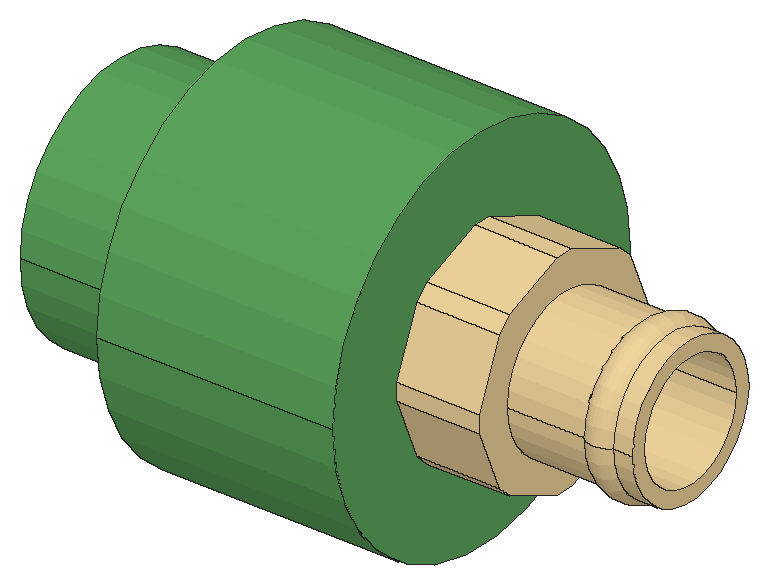
Revit family "Aquatherm_Переходник с наружной резьбой_3", category Соединительные детали трубопроводов, Revit 2019
Family settings
  Размер круглого соединителя = Использовать диаметр
  Тип детали = Переход
  На основе рабочей плоскости = Нет
  Всегда вертикально = Да
  При загрузке вырезать с полостями = Нет
  Общий = Нет
Parameters (values of type "SDR 11")
  Материал_Корпус_2 = AquaTherm латунь pipe
  Материал_Корпус = AquaTherm green pipe
  z2 [instance] = size_lookup("Переходник с наружной резьбой", "z2", 18 mm, d, R)  # 13 mm
  z1 [instance] = z2 / 3 * 2  # 8.667 mm
  z [instance] = size_lookup("Переходник с наружной резьбой", "z", 18 mm, d, R)  # 48 mm
  r [instance] = R - 3 mm  # 12 mm
  n [instance] = z2  # 13 mm
  m [instance] = z  # 48 mm
  lt [instance] = 1 mm
  d1 [instance] = R - 8 mm  # 7 mm
  URL = "www.agpipe.ru"
  d [instance] = 20 mm
  SW' [instance] = SW - 1 mm  # 21 mm
  SW [instance] = if(d > R, size_lookup("Переходник с наружной резьбой", "SW", 18 mm, d, R), R + 4 mm)  # 22 mm
  SDR = 11 mm
  R [instance] = 15 mm
  L [instance] = size_lookup("Переходник с наружной резьбой", "L", 18 mm, d, R)  # 59 mm
  D2 [instance] = D1 + 4 mm  # 30 mm
  D1 [instance] = d + 6 mm  # 26 mm
  D [instance] = size_lookup("Переходник с наружной резьбой", "D", 18 mm, d, R)  # 38.5 mm
  ADSK_Примечание = ""
  ADSK_Позиция [instance] = ""
  ADSK_Обозначение = ""
  ADSK_Наименование [instance] = size_lookup("Переходник с наружной резьбой", "ADSK_Наименование", "Нет в каталоге", d, R)  # "Переходник с наружной резьбой DN20x1/2''"
  ADSK_Масса_Текст [instance] = size_lookup("Переходник с наружной резьбой", "ADSK_Масса_Текст", "Нет в каталоге", d, R)  # "0.107"
  ADSK_Код изделия [instance] = size_lookup("Переходник с наружной резьбой", "ADSK_Код изделия", "Нет в каталоге", d, R)  # "21355"
  ADSK_Завод-изготовитель = "Aquatherm"  # constant formula
  ADSK_Единица измерения = "шт."  # constant formula
  1 [instance] = 1 = 1  # yes
Types (4, lengths in mm): name | SDR
  (no name) | 11
  SDR 6 | 6
  SDR 7.4 | 7.4
  SDR 11 | 11
Reference planes
  plane 1 "По центру (Вперед/Назад)": y = 0
  plane 2: z = 0
  plane 3 "По центру (Влево/Вправо)": x = 0
  plane 4: x = -29.5
  plane 5: x = 29.5
  plane 6: x = -18.5
  plane 7: x = 7.833
  plane 8: x = 16.5
  plane 9: y = 7.5
  plane 10: y = -7.5
Forms (mm)
  Extrusion 1, solid, material "AquaTherm green pipe" <- "Материал_Корпус", visible <- "1"
    sketch origin (0, 0, 0) x (0, 1, 0) y (0, 0, 1)
      loop
        circle (0, 0) r 13
    from -29.5 to -16.55
  Extrusion 2, solid, material "AquaTherm green pipe" <- "Материал_Корпус", visible <- "1"
    sketch origin (0, 0, 0) x (0, 1, 0) y (0, 0, 1)
      loop
        circle (0, 0) r 19.25
    from -16.55 to 7.833
  Extrusion 3, void
    sketch origin (0, 0, 0) x (0, 1, 0) y (0, 0, 1)
      loop
        circle (0, 0) r 7.5
    from -4.358 to 4.583
  Extrusion 4, void
    sketch origin (0, 0, 0) x (0, 1, 0) y (0, 0, 1)
      loop
        circle (0, 0) r 10
    from -29.5 to -16.55
  Extrusion 5, void
    sketch origin (0, 0, 0) x (0, 1, 0) y (0, 0, 1)
      loop
        circle (0, 0) r 3.5
    from -16.55 to 0
  Extrusion 6, solid, material "AquaTherm латунь pipe" <- "Материал_Корпус_2", visible <- "1"
    sketch origin (0, 0, 0) x (0, 1, 0) y (0, 0, 1)
      loop
        circle (0, 0) r 7.5
    from 7.833 to 29.5
  Extrusion 7, void
    sketch origin (0, 0, 0) x (0, 1, 0) y (0, 0, 1)
      loop
        circle (0, 0) r 6
    from 4.583 to 29.5
  Extrusion 8, solid, material "AquaTherm латунь pipe" <- "Материал_Корпус_2", visible <- "1"
    sketch origin (0, 0, 0) x (0, 1, 0) y (0, 0, 1)
      loop
        circle (0, 0) r 7.5
      loop
        line (-4.556, 11) -> (-11, 4.556) -> (-11, -4.556) -> (-4.556, -11) -> (4.556, -11) -> (11, -4.556) -> (11, 4.556) -> (4.556, 11) -> (-4.556, 11)
    from 7.833 to 16.5
  Extrusion 9, void
    sketch origin (0, 0, 0) x (0, 1, 0) y (0, 0, 1)
      loop
        line (0, 11.365) -> (-8.036, 8.036) -> (-11.365, 0) -> (-8.036, -8.036) -> (0, -11.365) -> (8.036, -8.036) -> (11.365, 0) -> (8.036, 8.036) -> (0, 11.365)
      loop
        circle (0, 0) r 38.5
    from 7.833 to 16.5
  Revolve 10, solid, material "AquaTherm латунь pipe" <- "Материал_Корпус_2", visible <- "1"
    sketch origin (0, 0, 0) x (1, 0, 0) y (0, 1, 0)
      loop
        arc (27.5, 7.5) -> (26, 8.197) -> (24.5, 7.5) r 1.963
        line (24.5, 7.5) -> (27.5, 7.5)
      axis (27.5, 0) -> (24.5, 0)
    angle from 0 to 360
Cuts and joins
  Extrusion 4, Extrusion 5 cuts Extrusion 1
  Extrusion 3, Extrusion 4, Extrusion 5, Extrusion 7, Extrusion 9 cuts Extrusion 2
  Extrusion 7 cuts Extrusion 6
  Extrusion 9 cuts Extrusion 8
Lines and regions (mm)
  reference lines
    curve 1: line (-18.5, 0, 0) -> (16.5, 0, 0)
Dimensions and locks
  equal spacing: plane 4, plane 3 "По центру (Влево/Вправо)", plane 5
  "L": plane 4 to plane 5
  "m": plane 6 to plane 5
  locked: plane 6 to Extrusion 1 at 1.95
  locked: cut or joined group of Extrusion 2, Extrusion 3, Extrusion 4, Extrusion 5, Extrusion 7, Extrusion 9 to plane 7 at 3.25
  "z1": plane 7 to plane 8
  "z2": plane 8 to plane 5
  equal spacing: cut or joined group of Extrusion 2, Extrusion 3, Extrusion 4, Extrusion 5, Extrusion 7, Extrusion 9, cut or joined group of Extrusion 2, Extrusion 3, Extrusion 4, Extrusion 5, Extrusion 7, Extrusion 9, cut or joined group of Extrusion 2, Extrusion 3, Extrusion 4, Extrusion 5, Extrusion 7, Extrusion 9
  equal spacing: Extrusion 8 sketch curve, level, Extrusion 8 sketch curve
  "SW": Extrusion 8 sketch curve to Extrusion 8 sketch curve  (x4)
  equal spacing: Extrusion 8 sketch curve, curve 1, Extrusion 8 sketch curve  (x3)
  equal spacing: Extrusion 9 sketch curve, curve 1, Extrusion 9 sketch curve  (x4)
  "SW'": Extrusion 9 sketch curve to Extrusion 9 sketch curve  (x4)
  equal spacing: plane 9, plane 1 "По центру (Вперед/Назад)", plane 10
  "R": plane 9 to plane 10
  Revolve 10 sketch curve to Revolve 10 sketch curve to plane 5 = 3 mm locked, 2 mm locked
  "D1": diameter of Extrusion 1 sketch curve
  "D": diameter of Extrusion 2 sketch curve
  "R": diameter of Extrusion 3 sketch curve
  "d": diameter of Extrusion 4 sketch curve
  "d1": diameter of Extrusion 5 sketch curve
  "R": diameter of Extrusion 6 sketch curve
  "r": diameter of Extrusion 7 sketch curve
  "R": diameter of Extrusion 8 sketch curve
  "D": radius of Extrusion 9 sketch curve
  locked: Extrusion 8 sketch curve to Extrusion 8 sketch curve (angle 135.00°)  (x4)
  locked: Extrusion 9 sketch curve to Extrusion 9 sketch curve (angle 135.00°)  (x4)
  aligned and locked: level to plane 2
  aligned and locked: Extrusion 1 to plane 4
  aligned and locked: Extrusion 2 to Extrusion 1
  aligned and locked: Extrusion 4 to plane 4
  aligned and locked: plane 7 to Extrusion 2
  aligned and locked: Extrusion 2 to Extrusion 5
  aligned and locked: Extrusion 4 to Extrusion 2
  aligned and locked: plane 5 to Extrusion 6
  aligned and locked: plane 3 "По центру (Влево/Вправо)" to Extrusion 5
  aligned and locked: Extrusion 7 to Extrusion 3
  aligned and locked: plane 5 to Extrusion 7
  aligned and locked: Extrusion 6 to cut or joined group of Extrusion 2, Extrusion 3, Extrusion 4, Extrusion 5, Extrusion 7, Extrusion 9
  aligned and locked: plane 6 to curve 1
  aligned and locked: plane 8 to Extrusion 8
  aligned and locked: Extrusion 8 to plane 7
  aligned and locked: cut or joined group of Extrusion 8, Extrusion 9 to plane 7
  aligned and locked: plane 8 to Extrusion 9
  aligned and locked: plane 8 to curve 1
  aligned and locked: plane 9 to Revolve 10 sketch curve
  aligned and locked: Revolve 10 sketch curve to plane 1 "По центру (Вперед/Назад)"
Automatic sketch dimensions
  plane 1 "По центру (Вперед/Назад)" to curve 1 = 0 mm
  Extrusion 1 sketch curve to level = 0 mm
  Extrusion 1 sketch curve to plane 1 "По центру (Вперед/Назад)" = 0 mm
  Extrusion 2 sketch curve to level = 0 mm
  Extrusion 2 sketch curve to plane 1 "По центру (Вперед/Назад)" = 0 mm
  Extrusion 3 sketch curve to level = 0 mm
  Extrusion 3 sketch curve to plane 1 "По центру (Вперед/Назад)" = 0 mm
  Extrusion 4 sketch curve to level = 0 mm
  Extrusion 4 sketch curve to plane 1 "По центру (Вперед/Назад)" = 0 mm
  Extrusion 5 sketch curve to level = 0 mm
  Extrusion 5 sketch curve to plane 1 "По центру (Вперед/Назад)" = 0 mm
  Extrusion 6 sketch curve to level = 0 mm
  Extrusion 6 sketch curve to plane 1 "По центру (Вперед/Назад)" = 0 mm
  Extrusion 7 sketch curve to level = 0 mm
  Extrusion 7 sketch curve to plane 1 "По центру (Вперед/Назад)" = 0 mm
  Extrusion 8 sketch curve to level = 0 mm
  Extrusion 8 sketch curve to plane 1 "По центру (Вперед/Назад)" = 0 mm
  Extrusion 9 sketch curve to plane 1 "По центру (Вперед/Назад)" = 0 mm  (x2)
  Extrusion 9 sketch curve to level = 0 mm  (x2)
  Revolve 10 sketch curve to plane 9 = 1.267 mm
  plane 8 to Revolve 10 sketch curve = 6 mm
  plane 5 to Revolve 10 sketch curve = 10 mm
Connectors
  piping at (-18.5, 0, 0), diameter 20, driven by "d"
    settings: on curve 1, index 1, connector inside diameter 609.6 mm, connector length 0 mm, flow factor 0, pipe flow 0.0 L/s, pressure drop 0.0 Pa, fitting loss kfactor 0, connector angle 0.00°, fixture units 0, engagement length 0 mm, angle of deflection 0.00°, flow configuration 0, flow direction 0, fitting loss method 0, system type 28, joint type 0, gender type 0, connector reference index 2, connector utility 0, adjustable connector no, is connector primary yes, connector description ""
  piping at (16.5, 0, 0), diameter 15, driven by "R"
    settings: on curve 1, index 2, connector inside diameter 609.6 mm, connector length 0 mm, flow factor 0, pipe flow 0.0 L/s, pressure drop 0.0 Pa, fitting loss kfactor 0, connector angle 0.00°, fixture units 0, engagement length 0 mm, angle of deflection 0.00°, flow configuration 0, flow direction 0, fitting loss method 0, system type 28, joint type 0, gender type 0, connector reference index 1, connector utility 0, adjustable connector no, is connector primary no, connector description ""
